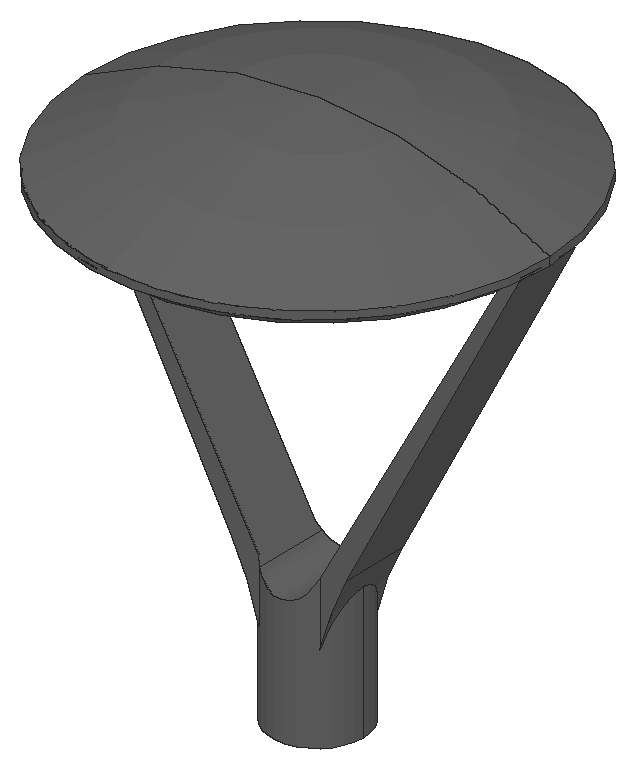
Revit family "UR-Ouro Post Mount", category Lighting Fixtures, host Face, Revit 2021
Family settings
  Host = Face
  Round Connector Dimension = Use Diameter
  Part Type = Normal
  OmniClass Number = 23.80.70.14.21
  OmniClass Title = Street and Roadway Lighting
  Cut with Voids When Loaded = No
  Light Source = Yes
  Shared = Yes
  Room Calculation Point = No
Parameters (values of type "UR20-56L-75-5K7-5R-PTS2")
  zz Radius 2 = if(UR28, 12.500", 8.500")  # 8.500"
  zz Radius 1 = if(Pole OD < 3.000", 3.000", if(Pole OD > 5.000", 5.000", Pole OD)) / 2  # 2.000"
  zz Length 2 = if(UR28, 4.900", 4.800")  # 4.800"
  zz Length 1 = if(UR28, 28.000", 20.000")  # 20.000"
  zz Height 3 = if(UR28, 10.000", 7.000")  # 7.000"
  zz Height 2 = if(UR28, 4.400", 3.500")  # 3.500"
  zz Height 1 = if(UR28, 33.400", 24.000")  # 24.000"
  Watts = 75 W
  Wattage Comments = "Ouro 20 delivers up to 17,000 lumens"
  Wattage = 75 W
  built-in parameter 1150110 = 1 (stored number, unit not read)
  Voltage = 120 V
  URL = "https://www.currentlighting.com/kimlighting"
  UR28 = not(UR20)  # no
  UR20 = yes
  Type Comments = "Lighting Fixtures"  # constant formula
  built-in parameter 1114217 = 1 (stored number, unit not read)
  Tilt Angle = 90.00°  # constant formula
  built-in parameter 1150109 = 1 (stored number, unit not read)
  built-in parameter 1150134 = 2
  built-in parameter 1150113 = 1 (stored number, unit not read)
  Product Page URL = ""
  Product Material = Black
  Product Documentation Link = ""
  Power Factor = 1
  Pole OD = 4.000"
  Photometric Web Link = ""
  Photometric Web File = "UR20-56L-75-5K7-5R-PTS2.IES"
  Photometric Note = "More Photometric Web Files dowload in the Web link"  # constant formula
  Model = "KIM UR20"
  Manufacturer = "KIM Lighting"  # constant formula
  built-in parameter 1150105 = 740.07 (stored number, unit not read)
  Lumens = 9300 lm
  built-in parameter 1150115 = 1 (stored number, unit not read)
  Load Classification = Lighting
  built-in parameter 1150137 = (empty or 0)
  built-in parameter 1150139 = (empty or 0)
  Lens = "Clear Lens"
  built-in parameter 1150112 = 1 (stored number, unit not read)
  built-in parameter 1150114 = 1 (stored number, unit not read)
  Lamp = "Ouro ™ LED "  # constant formula
  LED Engine = "56L-75"
  built-in parameter 1150132 = (empty or 0)
  built-in parameter 1150102 = (empty or 0)
  built-in parameter 1150107 = 5000 (stored number, unit not read)
  built-in parameter 1150138 = (empty or 0)
  built-in parameter 1150106 = 7.4007 (stored number, unit not read)
  Glass = Glass -  White
  Emit from Circle Diameter = zz Radius 2 * 2  # 17.000"
  Emit Shape Visible in Rendering = no
  built-in parameter 1150104 = 11.52 (stored number, unit not read)
  Distribution = "5R - Type V Rectangular"
  Dimming Lamp Color Temperature Shift = <None>
  Description = "Ouro is a seamless blend of elegant form, performance, visual comfort, controls, scalability and mounting options to enhance the environment in which they occupy"  # constant formula
  Default Elevation = 48.000"
  Copyright = "Copyright @ KIM Lighting"  # constant formula
  Contact Us = ""
  Color Filter = 16777215
  CCT = "5K7 - 5000K, 70 CRI"
  built-in parameter 1114218 = 1 (stored number, unit not read)
  built-in parameter 1150133 = 10 (stored number, unit not read)
  Assembly Code = "D5020200"
  Apparent Load = Watts / Power Factor  # 75 VA
Types (7): name | zz Radius 2 | zz Length 2 | zz Length 1 | zz Height 3 | zz Height 2 | zz Height 1 | Watts | Wattage Comments | Wattage | UR28 | UR20 | Photometric Web Link | Photometric Web File | Model | built-in parameter 1150105 | Lumens | Lens | LED Engine | built-in parameter 1150106 | Emit from Circle Diameter | built-in parameter 1150104 | Distribution | CCT | Apparent Load
  (no name) | 8.500" | 4.800" | 20.000" | 7.000" | 3.500" | 24.000" | 75 W | "Ouro 20 delivers up to 17,000 lumens" | 75 W | no | yes | "" | "UR20-56L-75-5K7-5R-PTS2.IES" | "KIM UR20" | 740.07 (stored number, unit not read) | 9300 lm | "Clear Lens" | "56L-75" | 7.4007 (stored number, unit not read) | 17.000" | 11.52 (stored number, unit not read) | "5R - Type V Rectangular" | "5K7 - 5000K, 70 CRI" | 75 VA
  UR28-96L-155-5K7-5QN-PTL2 | 12.500" | 4.900" | 28.000" | 10.000" | 4.400" | 33.400" | 155 W | "Ouro 28 delivers up to 35,000 lumens" | 155 W | yes | no | "" | "UR28-96L-155-5K7-5QN-PTL2.IES" | "KIM UR28" | 1517.1 (stored number, unit not read) | 19065 lm | "Clear Lens" | "96L-155" | 15.171 (stored number, unit not read) | 25.000" | 11.427 (stored number, unit not read) | "5QN - Type V Square Narrow" | "5K7 - 5000K, 70 CRI" | 155 VA
  UR28-96L-155-5K7-5W-PTL2 | 12.500" | 4.900" | 28.000" | 10.000" | 4.400" | 33.400" | 155 W | "Ouro 28 delivers up to 35,000 lumens" | 155 W | yes | no | "http://www.kimlighting.com/products/ouro_post_top" | "UR28-96L-155-5K7-5W-PTL2.IES" | "KIM UR28" | 1541.8 (stored number, unit not read) | 19375 lm | "No Lens" | "96L-155" | 15.418 (stored number, unit not read) | 25.000" | 11.613 (stored number, unit not read) | "5W Type V Wide (Round)" | "5K7 5000K, 70 CRI" | 155 VA
  UR28-96L-155-5K7-3-PTL2 | 12.500" | 4.900" | 28.000" | 10.000" | 4.400" | 33.400" | 155 W | "Ouro 28 delivers up to 35,000 lumens" | 155 W | yes | no | "http://www.kimlighting.com/products/ouro_post_top" | "UR28-96L-155-5K7-3-PTL2.IES" | "KIM UR28" | 1603.5 (stored number, unit not read) | 20150 lm | "Clear Lens" | "96L-155" | 16.035 (stored number, unit not read) | 25.000" | 12.077 (stored number, unit not read) | "3 - Type III" | "5K7 - 5000K, 70 CRI" | 155 VA
  UR20-68L-80-5K-5W-HDL-PTS2 | 8.500" | 4.800" | 20.000" | 7.000" | 3.500" | 24.000" | 80 W | "Ouro 20 delivers up to 17,000 lumens" | 80 W | no | yes | "http://www.kimlighting.com/products/ouro_post_top" | "UR20-68L-80-5K-5W-HDL-PTS2.IES" | "KIM UR20" | 636.62 (stored number, unit not read) | 8000 lm | "High Diffusion Lens" | "68L-80" | 6.3662 (stored number, unit not read) | 17.000" | 9.2903 (stored number, unit not read) | "5W - Type V Wide (Round)" | "5K7 - 5000K, 70 CRI" | 80 VA
  UR20-56L-75-5K7-4W-PTS2 | 8.500" | 4.800" | 20.000" | 7.000" | 3.500" | 24.000" | 75 W | "Ouro 20 delivers up to 17,000 lumens" | 75 W | no | yes | "" | "UR20-56L-75-5K7-4W-PTS2.IES" | "KIM UR20" | 769.91 (stored number, unit not read) | 9675 lm | "No Lens" | "56L-75" | 7.6991 (stored number, unit not read) | 17.000" | 11.984 (stored number, unit not read) | "4W - Type IV Wide" | "5K7 - 5000K, 70 CRI" | 75 VA
  UR20-56L-75-5K7-5R-PTS2 | 8.500" | 4.800" | 20.000" | 7.000" | 3.500" | 24.000" | 75 W | "Ouro 20 delivers up to 17,000 lumens" | 75 W | no | yes | "" | "UR20-56L-75-5K7-5R-PTS2.IES" | "KIM UR20" | 740.07 (stored number, unit not read) | 9300 lm | "Clear Lens" | "56L-75" | 7.4007 (stored number, unit not read) | 17.000" | 11.52 (stored number, unit not read) | "5R - Type V Rectangular" | "5K7 - 5000K, 70 CRI" | 75 VA
Reference planes (in)
  plane 1 "Center (Front/Back)": y = 0
  plane 2: z = 0
  plane 3 "Center (Left/Right)": x = 0
  plane 4: z = 24
  plane 5: z = 20.5
  plane 6: x = -10
  plane 7: x = 10
  plane 8: y = -1.5
  plane 9: y = 1.5
  plane 10: z = 7
  plane 11: y = -2
  plane 12: y = 2
  plane 13: z = 21
  plane 14: z = 20.75
Forms (in)
  Revolve 1, solid, material "Black" <- "Product Material"
    sketch origin (0, 0, 0) x (1, 0, 0) y (0, 0, 1)
      loop
        line (-9.32698, 20.5) -> (0, 20.5) -> (0, 24)
        arc (0, 24) -> (-5.17479, 23.32176) -> (-10, 21.33286) r 20.08023
        line (-10, 21.33286) -> (-10, 21)
        arc (-10, 21) -> (-9.63973, 20.78198) -> (-9.32698, 20.5) r 2.22552
      axis (0, 20.5) -> (0, 24)
    angle from 0 to 360
  Extrusion 2, solid, material "Black" <- "Product Material"
    sketch origin (0, 0, 0) x (1, 0, 0) y (0, 1, 0)
      loop
        circle (0, 0) r 2
    from 0 to 7
  Extrusion 3, solid, material "Black" <- "Product Material"
    sketch origin (0, 0, 0) x (1, 0, 0) y (0, 0, 1)
      loop
        line (9.90017, 21) -> (-9.90017, 21) -> (-2.4864, 6.86897)
        arc (-2.4864, 6.86897) -> (-1.35087, 3.91083) -> (-0.96472, 0.76584) r 13
        line (-0.96472, 0.76584) -> (-0.96472, 0) -> (0.96472, 0) -> (0.96472, 0.76584)
        arc (0.96472, 0.76584) -> (1.35087, 3.91083) -> (2.4864, 6.86897) r 13
        line (2.4864, 6.86897) -> (9.90017, 21)
    from -1.5 to 1.5
  Extrusion 4, void
    sketch origin (0, 0, 0) x (1, 0, 0) y (0, 0, 1)
      loop
        line (-9.35313, 21) -> (-1.1392, 6.18168)
        arc (-1.1392, 6.18168) -> (0, 5.51064) -> (1.1392, 6.18168) r 1.30251
        line (1.1392, 6.18168) -> (9.35313, 21) -> (-9.35313, 21)
    from -2 to 2
  Extrusion 5, void
    sketch origin (0, 0, 0) x (1, 0, 0) y (0, 1, 0)
      loop
        circle (0, 0) r 8.5
    from 20.5 to 21
  Extrusion 6, solid, material "Glass -  White" <- "Glass"
    sketch origin (0, 0, 0) x (1, 0, 0) y (0, 1, 0)
      loop
        circle (0, 0) r 8.5
    from 20.75 to 21
Cuts and joins
  Extrusion 4, Extrusion 5 cuts Extrusion 2
  Extrusion 4, Extrusion 5 cuts Extrusion 3
  joined: Extrusion 2, Extrusion 3
  Extrusion 5 cuts Revolve 1
Dimensions and locks (in)
  "zz Height 1": plane 4 to plane 2
  equal spacing: plane 7, plane 3 "Center (Left/Right)", plane 6
  "zz Height 2": plane 4 to plane 5
  "zz Length 1": plane 7 to plane 6
  equal spacing: plane 9, plane 1 "Center (Front/Back)", plane 8  (x2)
  plane 1 "Center (Front/Back)" to plane 8 = 1.500"
  "zz Height 3": plane 10 to plane 2
  locked: plane 8 to plane 11 at 0.5
  "zz Radius 1": plane 1 "Center (Front/Back)" to plane 11
  locked: plane 12 to plane 9 at 0.5
  locked: plane 13 to plane 5 at 0.5
  locked: plane 13 to plane 14 at 0.25
  "zz Radius 1": radius of Extrusion 2 sketch curve
  "zz Radius 2": radius of Extrusion 5 sketch curve
  "zz Radius 2": radius of Extrusion 6 sketch curve
  aligned and locked: plane 2 to host face
  aligned and locked: level to host face
  aligned and locked: plane 3 "Center (Left/Right)" to imposter light
  aligned and locked: Revolve 1 sketch curve to plane 6
  aligned and locked: Revolve 1 sketch curve to plane 5
  aligned and locked: Extrusion 2 to plane 2
  aligned and locked: plane 9 to Extrusion 3
  aligned and locked: plane 8 to Extrusion 3
  aligned and locked: plane 11 to Extrusion 4
  aligned and locked: plane 12 to Extrusion 4
  aligned and locked: Extrusion 3 to plane 2
  aligned and locked: plane 10 to Extrusion 2
  aligned and locked: Extrusion 5 to plane 5
  aligned and locked: plane 3 "Center (Left/Right)" to Extrusion 6 sketch curve
  aligned and locked: plane 1 "Center (Front/Back)" to Extrusion 6 sketch curve
  aligned and locked: cut or joined group of Extrusion 2, Extrusion 3, Extrusion 4, Extrusion 5 to Extrusion 6
  aligned and locked: plane 5 to imposter light
  aligned and locked: plane 1 "Center (Front/Back)" to imposter light
  aligned and locked: plane 13 to Extrusion 6
  aligned and locked: Extrusion 3 to Extrusion 4
  aligned and locked: Extrusion 6 to plane 14
  aligned and locked: Extrusion 3 to Extrusion 5
Automatic sketch dimensions
  host sketch curve to host sketch curve = 96.000"  (x2)
  Revolve 1 sketch curve to plane 4 = 0.000"
  Revolve 1 sketch curve to plane 3 "Center (Left/Right)" = 0.000"
  Revolve 1 sketch curve to plane 6 = 0.96695"
  plane 6 to Revolve 1 sketch curve = 0.67302"
  plane 3 "Center (Left/Right)" to Revolve 1 sketch curve = 0.000"
  Revolve 1 sketch curve to Revolve 1 sketch curve = 0.83286"
  Revolve 1 sketch curve to Revolve 1 sketch curve = 0.33286"
  Revolve 1 sketch curve to plane 5 = 1.950"
  Revolve 1 sketch curve to Revolve 1 sketch curve = 2.050"
  Extrusion 4 sketch curve to plane 3 "Center (Left/Right)" = 1.1392"
  Extrusion 4 sketch curve to plane 3 "Center (Left/Right)" = 0.000"
  plane 6 to Extrusion 4 sketch curve = 0.64687"
  plane 7 to Extrusion 4 sketch curve = 0.64687"
  Extrusion 4 sketch curve to Extrusion 4 sketch curve = 0.63147"
  plane 5 to Extrusion 4 sketch curve = 0.500"
  Extrusion 4 sketch curve to plane 10 = 0.81832"
  plane 3 "Center (Left/Right)" to Extrusion 4 sketch curve = 1.1392"
  Extrusion 3 sketch curve to level = 0.000"
  level to Extrusion 3 sketch curve = 0.76584"  (x2)
  Extrusion 3 sketch curve to plane 10 = 0.13103"  (x2)
  plane 3 "Center (Left/Right)" to Extrusion 3 sketch curve = 2.4864"
  plane 3 "Center (Left/Right)" to Extrusion 3 sketch curve = 0.96472"
  Extrusion 3 sketch curve to plane 3 "Center (Left/Right)" = 0.96472"
  Extrusion 3 sketch curve to plane 3 "Center (Left/Right)" = 2.4864"
  plane 6 to Extrusion 3 sketch curve = 0.09983"
  plane 5 to Extrusion 3 sketch curve = 0.500"
  plane 7 to Extrusion 3 sketch curve = 0.09983"
  plane 1 "Center (Front/Back)" to Extrusion 2 sketch curve = 0.000"
  Extrusion 2 sketch curve to plane 3 "Center (Left/Right)" = 0.000"
  plane 1 "Center (Front/Back)" to Extrusion 5 sketch curve = 0.000"
  Extrusion 5 sketch curve to plane 3 "Center (Left/Right)" = 0.000"
Connectors (in)
  electrical at (0, 0, 0), driven by "Load Classification", driven by "Voltage", driven by "Apparent Load", driven by "Power Factor"
    settings: on cut or joined group of Extrusion 2, Extrusion 3, Extrusion 4, Extrusion 5, index 1, voltage 120 V, apparent load 75 VA, apparent load phase1 0 VA, apparent load phase2 0 VA, apparent load phase3 0 VA, power factor 1, load classification "Lighting", number of poles 1, system type 30, power factor state 1, is connector primary yes, connector utility no, sub classification motor no, connector description "Electrical Connector"
